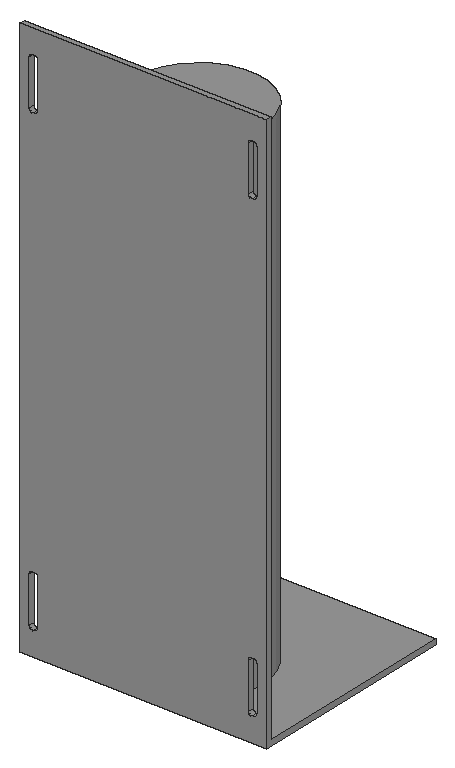
Revit family "Zalustrowany_automatyczny_dozownik_mydla_i_srodkow_dezynfekcyjnych_1 l", category Furniture, host Wall, Revit 2019
Family settings
  Host = Wall
  Always vertical = Yes
  Cut with Voids When Loaded = No
  Shared = No
  Room Calculation Point = No
Parameters (values of type "SA1000BMJ")
  Width / Szerokosc = 140 mm  # constant formula
  Weight / Waga = "7.2 kg"
  URL = "https://faneco.com/zalustrowy-automatyczny-dozownik-mydla-w-plynie-i-srodkow-dezynfekcyjnych-1-l-lab.html"
  Type Comments = "Zalustrowy automatyczny dozownik mydła w płynie i środków dezynfekcyjnych 1 l FANECO"
  Product code / Kod produktu = "SA1000BMJ"
  Model = ""
  Material finish / Wykonczenie = "Stal nierdzewna 304 szczotkowana, matowa"
  Material = Stal nierdzewna AISI 304
  Manufacturer code / Kod producenta = ""
  Manufacturer = "FANECO.com"
  Height / Wysokosc = 320 mm  # constant formula
  Description = "Zalustrowy dozownik mydła w płynie to niezwykle trwały element nowoczesnej architektury łazienkowej. Podajniki zalustrowe cieszą się coraz większą popularnością we wnętrzach łazienek ogólnodostępnych. Montaż dozownika przeznaczonego do zabudowy za lustrem jest doskonałym rozwiązaniem do toalet w centrach handlowych, biurowcach, dworcach, hotelowym lobby."
  Depth / Glebokosc = 120 mm  # constant formula
  Color / Kolor = ""
Reference planes
  plane 1 "Wall": y = 0
  plane 2 "Center (Left/Right)": x = 125
  plane 3 "Back": y = 75
Text (mm)
  text "Placement Side" at (-1848.837, 1116.779, 0), in view "Ref. Level"
  text "Placement side" at (0, 1409.804, 2854.306), in view "Left"
  text "Placement side" at (0, 499.811, 2980.732), in view "Right"
Dimensions and locks
  locked: plane 3 "Back" to host wall
  aligned and locked: plane 1 "Wall" to host wall
Nested families
  nested 1: "Low_detail" at (125, 75, 1160) x (-1, 0, 0) z (0, 1, 0), Material <- "Material", G <- "Depth / Glebokosc", S <- "Width / Szerokosc", W <- "Height / Wysokosc", type "Low_detail", detail levels coarse
    with W 320 mm, S 140 mm, Material Stal nierdzewna AISI 304, G 120 mm
  nested 2: "SA1000BMJ_high_medium" at (125, 75, 1160) x (-1, 0, 0) z (0, 1, 0), type "SA1000BMJ_high_medium", detail levels medium+fine
Definition of nested family "Low_detail"
  Parameters
    W [instance] = 721.812 mm
    S [instance] = 880 mm
    Material [instance] = none
    G [instance] = 250 mm
    Default Elevation = 1219.2 mm
  Reference planes
    plane 1 "Center (Front/Back)": y = 0
    plane 2: z = 0
    plane 3 "Center (Left/Right)": x = 0
    plane 4: x = -440
    plane 5: x = 440
    plane 6: y = 360.906
    plane 7: y = -360.906
  Forms (mm)
    Extrusion 1, solid
      sketch origin (0, 0, 0) x (1, 0, 0) y (0, 1, 0)
        loop
          line (-1219.2, 1219.2) -> (-1219.2, -1219.2) -> (1219.2, -1219.2) -> (1219.2, 1219.2) -> (-1219.2, 1219.2)
      from 0 to -304.8
    Extrusion 2, solid, material <- "Material"
      sketch origin (0, 0, 0) x (1, 0, 0) y (0, 1, 0)
        loop
          line (-440, 360.906) -> (-440, -360.906) -> (440, -360.906) -> (440, 360.906) -> (-440, 360.906)
      from 0 to 250 <- "G"
  Dimensions and locks
    equal spacing: plane 4, plane 3 "Center (Left/Right)", plane 5
    "S": plane 4 to plane 5
    equal spacing: plane 6, plane 1 "Center (Front/Back)", plane 7
    "W": plane 6 to plane 7
    aligned and locked: plane 2 to Extrusion 1
    aligned and locked: level to Extrusion 1
    aligned and locked: Extrusion 2 sketch curve to plane 6
    aligned and locked: plane 4 to Extrusion 2 sketch curve
    aligned and locked: plane 7 to Extrusion 2 sketch curve
    aligned and locked: Extrusion 2 sketch curve to plane 5
  Automatic sketch dimensions
    Extrusion 1 sketch curve to Extrusion 1 sketch curve = 2438.4 mm  (x2)
Definition of nested family "SA1000BMJ_high_medium"
  Parameters
    Material = none
    Default Elevation = 1219.2 mm
  Reference planes
    plane 1 "Center (Front/Back)": y = 0
    plane 2: z = 0
    plane 3 "Center (Left/Right)": x = 0
    plane 4: x = -70
    plane 5: x = 70
    plane 6: y = -160
    plane 7: y = 160
  Forms (mm)
    Extrusion 1, solid
      sketch origin (0, 0, 0) x (1, 0, 0) y (0, 1, 0)
        loop
          line (-1219.2, 1219.2) -> (-1219.2, -1219.2) -> (1219.2, -1219.2) -> (1219.2, 1219.2) -> (-1219.2, 1219.2)
      from 0 to -304.8
    Extrusion 2, solid, material <- "Material"
      sketch origin (0, 0, 0) x (0, 1, 0) y (0, 0, 1)
        loop
          line (160, 0) -> (160, 3) -> (-157, 3) -> (-157, 120) -> (-160, 120) -> (-160, 0) -> (160, 0)
      from -70 to 70
    Extrusion 3, void
      sketch origin (-26.709, 0, 0.382) x (1, 0, 0) y (0, 0, 1)
        loop
          circle (43.34, 90.431) r 15
      from 0 to 250
    Extrusion 4, solid, material <- "Material"
      sketch origin (0, 0, 0) x (1, 0, 0) y (0, 0, 1)
        loop
          circle (52.094, 92.433) r 10
      from 160 to 201.351
    Extrusion 5, void
      sketch origin (0, 0, 0) x (1, 0, 0) y (0, 1, 0)
        loop
          arc (-62.767, 146.604) -> (-64.182, 146.019) -> (-64.767, 144.604) r 2
          line (-64.767, 144.604) -> (-64.767, 118.604)
          arc (-64.767, 118.604) -> (-64.182, 117.19) -> (-62.767, 116.604) r 2
          line (-62.767, 116.604) -> (-61.767, 116.604)
          arc (-61.767, 116.604) -> (-60.353, 117.19) -> (-59.767, 118.604) r 2
          line (-59.767, 118.604) -> (-59.767, 144.604)
          arc (-59.767, 144.604) -> (-60.353, 146.019) -> (-61.767, 146.604) r 2
          line (-61.767, 146.604) -> (-62.767, 146.604)
        loop
          line (-62.767, -146.604) -> (-61.767, -146.604)
          arc (-61.767, -146.604) -> (-60.353, -146.019) -> (-59.767, -144.604) r 2
          line (-59.767, -144.604) -> (-59.767, -118.604)
          arc (-59.767, -118.604) -> (-60.353, -117.19) -> (-61.767, -116.604) r 2
          line (-61.767, -116.604) -> (-62.767, -116.604)
          arc (-62.767, -116.604) -> (-64.182, -117.19) -> (-64.767, -118.604) r 2
          line (-64.767, -118.604) -> (-64.767, -144.604)
          arc (-64.767, -144.604) -> (-64.182, -146.019) -> (-62.767, -146.604) r 2
        loop
          line (62.767, 146.604) -> (61.767, 146.604)
          arc (61.767, 146.604) -> (60.353, 146.019) -> (59.767, 144.604) r 2
          line (59.767, 144.604) -> (59.767, 118.604)
          arc (59.767, 118.604) -> (60.353, 117.19) -> (61.767, 116.604) r 2
          line (61.767, 116.604) -> (62.767, 116.604)
          arc (62.767, 116.604) -> (64.182, 117.19) -> (64.767, 118.604) r 2
          line (64.767, 118.604) -> (64.767, 144.604)
          arc (64.767, 144.604) -> (64.182, 146.019) -> (62.767, 146.604) r 2
        loop
          arc (62.767, -146.604) -> (64.182, -146.019) -> (64.767, -144.604) r 2
          line (64.767, -144.604) -> (64.767, -118.604)
          arc (64.767, -118.604) -> (64.182, -117.19) -> (62.767, -116.604) r 2
          line (62.767, -116.604) -> (61.767, -116.604)
          arc (61.767, -116.604) -> (60.353, -117.19) -> (59.767, -118.604) r 2
          line (59.767, -118.604) -> (59.767, -144.604)
          arc (59.767, -144.604) -> (60.353, -146.019) -> (61.767, -146.604) r 2
          line (61.767, -146.604) -> (62.767, -146.604)
      from 0 to 250
    Extrusion 6, solid
      sketch origin (0, 0, 0) x (1, 0, 0) y (0, 0, 1)
        loop
          circle (0, 39.725) r 36
      from -126.877 to 157
  Cuts and joins
    Extrusion 3, Extrusion 5 cuts Extrusion 2
  Dimensions and locks
    equal spacing: plane 4, plane 3 "Center (Left/Right)", plane 5
    equal spacing: plane 6, plane 1 "Center (Front/Back)", plane 7
    plane 4 to plane 3 "Center (Left/Right)" = 70 mm
    plane 6 to plane 1 "Center (Front/Back)" = 160 mm
    aligned and locked: plane 2 to Extrusion 1
    aligned and locked: level to Extrusion 1
  Automatic sketch dimensions
    Extrusion 1 sketch curve to Extrusion 1 sketch curve = 2438.4 mm  (x2)
    Extrusion 2 sketch curve to plane 6 = 0 mm
    Extrusion 2 sketch curve to level = 0 mm
    Extrusion 2 sketch curve to plane 6 = 3 mm
    Extrusion 2 sketch curve to plane 7 = 0 mm
    Extrusion 2 sketch curve to Extrusion 2 sketch curve = 3 mm
    Extrusion 2 sketch curve to Extrusion 2 sketch curve = 117 mm
    Extrusion 3 sketch curve to plane 5 = 53.368 mm
    level to Extrusion 3 sketch curve = 90.812 mm
    Extrusion 4 sketch curve to plane 5 = 17.906 mm
    level to Extrusion 4 sketch curve = 92.433 mm
    plane 4 to Extrusion 5 sketch curve = 5.233 mm  (x2)
    Extrusion 5 sketch curve to Extrusion 5 sketch curve = 2 mm  (x12)
    Extrusion 5 sketch curve to Extrusion 5 sketch curve = 1 mm  (x8)
    Extrusion 5 sketch curve to plane 5 = 10.233 mm  (x2)
    Extrusion 5 sketch curve to plane 6 = 13.396 mm  (x2)
    Extrusion 5 sketch curve to Extrusion 5 sketch curve = 0 mm  (x2)
    Extrusion 5 sketch curve to Extrusion 5 sketch curve = 26 mm  (x2)
    plane 7 to Extrusion 5 sketch curve = 43.396 mm  (x2)
    plane 7 to Extrusion 5 sketch curve = 15.396 mm  (x2)
    Extrusion 6 sketch curve to plane 3 "Center (Left/Right)" = 0 mm
    level to Extrusion 6 sketch curve = 39.725 mm
    radius of Extrusion 3 sketch curve = 15 mm
    radius of Extrusion 4 sketch curve = 10 mm
    radius of Extrusion 6 sketch curve = 36 mm
